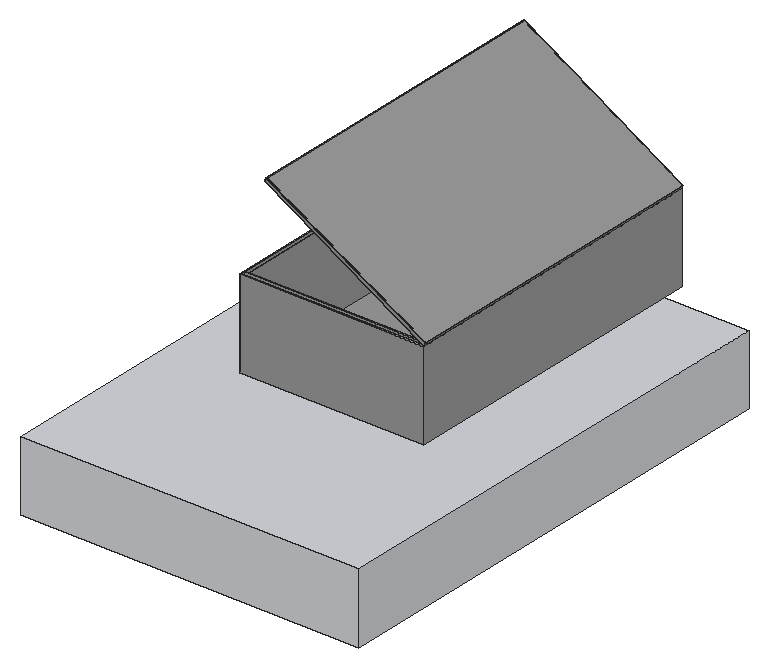
Revit family "Hager-Univers-IP55-D400-H1400-Cl.II-Steel_encl-BE-en", category Equipement électrique, Revit 2020
Family settings
  Hôte = Face
  Configuration du panneau = Deux colonnes, circuits au sein
  Cote de connecteur circulaire = Utiliser le diamètre
  Type d'élément = Tableau de raccordement
  Couper avec des vides une fois chargée = Non
  Partagée = Non
  Point de calcul de pièce = Non
Parameters (values of type "Surface mounted (plaster) IP55 W800 H1400 D400  - FR93H")
  Width Control [instance] = if([EF000008 - Width] > Min Width, [EF000008 - Width], Min Width)  # 800 mm
  Commentaires du type = [HG000003 - Range]  # "Univers"
  Thickness Door [instance] = if([EF009171 - Material plate thickness door/cover] > 3 mm, 3 mm, [EF009171 - Material plate thickness door/cover])  # 1.5 mm
  Seal Frame Offset [instance] = 17 mm  # constant formula
  Plinth Visibility [instance] = [HG000027 - Plinth height] > 0 mm  # no
  Model = ""
  Min Width [instance] = 100 mm  # constant formula
  Min Height [instance] = 100 mm  # constant formula
  Min Depth [instance] = (2 * [EF009170 - Material plate thickness cabinet]) + 1 mm  # 4 mm
  Internal Frame Depth [instance] = (Door System Depth * 0.5)  # 9 mm
  Height Control [instance] = if([EF000040 - Height] > Min Height, [EF000040 - Height], Min Height)  # 1400 mm
  HG000027 - Plinth height = 0 mm
  HG000026 - Floor standing = no
  HG000024 - Bottom section height = 800 mm
  HG000023 - Double section enclosure = no
  HG000016 - Door 3d visibility [instance] = yes
  HG000015 - Clearance visibility [instance] = no
  HG000014 - Door on the right [instance] = yes
  HG000013 - Door on the left [instance] = not([HG000014 - Door on the right])  # no
  HG000012 - Door swing angle [instance] = 30.00°
  HG000010 - Asymmetric doors = no
  HG000009 - Double swing door = no
  HG000006 - Flush mounted = no
  HG000004 - Manufacturer reference = "FR93H"
  HG000003 - Range = "Univers"
  HG000002 - With door or cover = yes
  Frame Offset Bottom [instance] = 10 mm  # constant formula
  Frame Offset [instance] = 15 mm  # constant formula
  EF015940 - Cover with overpressure release = no
  EF011959 - Degree of protection (NEMA) = ""
  EF009554 - Number of openings for flange plates = 6
  EF009212 - Cover model = "EV000116 - Closed"
  EF009171 - Material plate thickness door/cover = 1.5 mm
  EF009170 - Material plate thickness cabinet = 1.5 mm
  Fabricant = "Hager"  # constant formula
  EF008873 - Nominal current (In) = 800 A
  EF007800 - Suitable for lightning protection = no
  EF006306 - With lock = no
  EF006244 - Transparent cover/door = no
  EF005474 - Degree of protection (IP) = "EV006420 - IP55"
  EF004464 - Type of door = "EV002646 - Single"
  EF004427 - Number of modules = 324
  EF004293 - Impact strength = "EV008784 - IK10"
  EF003532 - Suitable for outdoor use = no
  EF002950 - Width in number of modular spacings = 24
  EF001613 - Circuit integrity = "EV000494 - None"
  EF001596 - Material housing = "EV000179 - Steel"
  EF001131 - Internal depth = 400 mm
  EF001088 - Extension possible = yes
  EF000437 - Number of conduit inlets = 6
  EF000339 - Type of cover = "EV004216 - Door"
  EF000266 - Number of rows = 9
  EF000218 - Built-in depth = 0 mm
  EF000118 - With mounting plate = no
  EF000116 - RAL-number = "7035"
  EF000049 - Depth = 400 mm
  EF000040 - Height = 1400 mm
  EF000008 - Width = 800 mm
  EF000007 - Colour = "EV000270 - Grey"
  EF000003 - Mounting method = "EV000384 - Surface mounted (plaster)"
  Door System Leaf Tolerance [instance] = 1.5 mm  # constant formula
  Door System Depth [instance] = 18 mm  # constant formula
  Door Height [instance] = Height Control - [HG000027 - Plinth height]  # 1400 mm
  Depth Control [instance] = if([EF000049 - Depth] > Min Depth, [EF000049 - Depth], Min Depth)  # 400 mm
  Default Elevation = 0 mm
  Connector Offset [instance] = Height Control / 2  # 700 mm
  Bottom Top Plate Trim [instance] = 1.5 mm  # constant formula
  Plinth height Ctrl [instance] = if([HG000027 - Plinth height] > 0 mm, [HG000027 - Plinth height], 12 mm)  # 12 mm
Types (3, lengths in mm): name | Width Control | HG000009 - Double swing door | HG000004 - Manufacturer reference | EF009554 - Number of openings for flange plates | EF004464 - Type of door | EF004427 - Number of modules | EF000437 - Number of conduit inlets | EF000008 - Width
  Surface mounted (plaster) IP55 W1050 H1400 D400  - FR94H | 1050 | yes | "FR94H" | 8 | "EV003602 - Double" | 432 | 8 | 1050
  Surface mounted (plaster) IP55 W550 H1400 D400  - FR92H | 550 | no | "FR92H" | 4 | "EV002646 - Single" | 216 | 4 | 550
  Surface mounted (plaster) IP55 W800 H1400 D400  - FR93H | 800 | no | "FR93H" | 6 | "EV002646 - Single" | 324 | 6 | 800
Reference planes
  plane 1 "Center (Front/Back)": y = 0
  plane 2: z = 0
  plane 3 "Center (Left/Right)": x = 0
  plane 4: z = 400
  plane 5: y = 1.5
  plane 6: y = 700
  plane 7: y = 0
  plane 8: y = 1400
  plane 9: z = 0
  plane 10: x = -385
  plane 11: x = 385
  plane 12: x = 383.5
  plane 13: x = -383.5
  plane 14: y = 1398.5
  plane 15: x = -383
  plane 16: x = -400
  plane 17: x = 383
  plane 18: x = 400
  plane 19: x = 398.5
  plane 20: x = -398.5
  plane 21: y = 11.5
  plane 22: y = 1400
  plane 23: y = 1383.5
  plane 24: z = 382
  plane 25: z = 1.5
  plane 26: z = 380.5
  plane 27: z = 398.5
Forms (mm)
  Extrusion 1, solid
    sketch origin (0, 0, 0) x (1, 0, 0) y (0, 1, 0)
      loop
        line (-702.964, 1305) -> (-702.964, -811.445) -> (766.763, -811.445) -> (766.763, 1305) -> (-702.964, 1305)
    from 0 to -304.8
  Extrusion 2, solid, material "Hager_Steel_RAL7035_Light_Grey", visible <- "Plinth Visibility", detail levels medium+fine
    sketch origin (0, 0, 0) x (1, 0, 0) y (0, 1, 0)
      loop
        line (-400, 0) -> (400, 0) -> (400, 12) -> (-400, 12) -> (-400, 0)
    from 0 to 382
  Extrusion 3, solid, material "Hager_Steel_RAL7035_Light_Grey", detail levels medium+fine
    sketch origin (0, 0, 0) x (1, 0, 0) y (0, 1, 0)
      loop
        line (-400, 0) -> (400, 0) -> (400, 1400) -> (-400, 1400) -> (-400, 0)
    from 0 to 382
  Extrusion 4, void
    sketch origin (0, 0, 0) x (1, 0, 0) y (0, 1, 0)
      loop
        line (-398.5, 1.5) -> (398.5, 1.5) -> (398.5, 1398.5) -> (-398.5, 1398.5) -> (-398.5, 1.5)
    from 1.5 to 380.5
  Extrusion 5, void
    sketch origin (-381.607, -4572, 382) x (0, -1, 0) y (-1, 0, 0)
      loop
        line (-4583.5, 1.893) -> (-5955.5, 1.893) -> (-5955.5, -765.107) -> (-4583.5, -765.107) -> (-4583.5, 1.893)
    from 0 to 1.5 <- "EF009170 - Material plate thickness cabinet"
  Extrusion 6, solid, material "Hager_Steel_RAL7035_Light_Grey", detail levels fine
    sketch origin (0, 0, 382) x (1, 0, 0) y (0, 1, 0)
      loop
        line (-383.5, 1383.5) -> (-383.5, 11.5) -> (383.5, 11.5) -> (383.5, 1383.5) -> (-383.5, 1383.5)
      loop
        line (-385, 10) -> (385, 10) -> (385, 1385) -> (-385, 1385) -> (-385, 10)
    from 0 to 9 <- "Internal Frame Depth"
  Extrusion 7, solid, material "Hager_Steel_RAL7035_Light_Grey", detail levels coarse
    sketch origin (0, 0, 0) x (1, 0, 0) y (0, 1, 0)
      loop
        line (-400, 0) -> (400, 0) -> (400, 1400) -> (-400, 1400) -> (-400, 0)
    from 0 to 400
  Sweep 8, void
    path in 3D
      loop
        line (-400, 12, 0) -> (400, 12, 0) -> (400, 12, 382) -> (-400, 12, 382) -> (-400, 12, 0)
    profile origin (-400, 12, 191) x (-1, 0, 0) y (0, -1, 0)
      loop
        line (0, 0) -> (0, 1.5) -> (-1.5, 1.5)
        arc (-1.5, 1.5) -> (-1.061, 0.439) -> (0, 0) r 1.5
Cuts and joins
  Extrusion 4, Extrusion 5 cuts Extrusion 3
  Sweep 8 cuts Extrusion 2
Lines and regions (mm)
  Masking region 1
    outline origin (0, 0, 0) x (1, 0, 0) y (0, 0, 1)
      loop
        line (-400, 400) -> (-400, 0) -> (400, 0) -> (400, 400) -> (-400, 400)
  Masking region 2, detail levels medium+fine
    outline origin (0, 140, 0) x (0, 1, 0) y (0, 0, 1)
      loop
        line (-140, 0) -> (1260, 0) -> (1260, 382) -> (-140, 382) -> (-140, 0)
  Masking region 3, not visible, detail levels medium+fine
    outline origin (0, 297.922, 0) x (0, 1, 0) y (0, 0, 1)
      loop
        line (413.578, 0) -> (453.578, 0) -> (453.578, 388.5)
        arc (453.578, 388.5) -> (450.649, 395.571) -> (443.578, 398.5) r 10
        line (443.578, 398.5) -> (413.578, 398.5) -> (413.578, 0)
  Masking region 4, detail levels coarse
    outline origin (0, 0, 180) x (0, 1, 0) y (0, 0, 1)
      loop
        line (0, -180) -> (1400, -180) -> (1400, 220) -> (0, 220) -> (0, -180)
  Masking region 5, visible <- "Plinth Visibility", detail levels medium+fine
    outline origin (0, 52.24, 12.345) x (0, 0, -1) y (0, 1, 0)
      loop
        line (10.845, -40.24) -> (-368.155, -40.24)
        arc (-368.155, -40.24) -> (-368.594, -41.301) -> (-369.655, -41.74) r 1.5
        line (-369.655, -41.74) -> (-369.655, -52.24) -> (12.345, -52.24) -> (12.345, -41.74)
        arc (12.345, -41.74) -> (11.285, -41.301) -> (10.845, -40.24) r 1.5
  Masking region 6, detail levels medium+fine
    outline origin (-381.607, -4572, 382) x (-1, 0, 0) y (0, -1, 0)
      loop
        line (18.393, -5972) -> (18.393, -4572) -> (-781.607, -4572) -> (-781.607, -5972) -> (18.393, -5972)
  Masking region 7, visible <- "Plinth Visibility", detail levels medium+fine
    outline origin (-381.607, -4727, 382) x (-1, 0, 0) y (0, -1, 0)
      loop
        arc (16.893, -4739) -> (17.332, -4737.939) -> (18.393, -4737.5) r 1.5
        line (18.393, -4737.5) -> (18.393, -4727) -> (-781.607, -4727) -> (-781.607, -4737.5)
        arc (-781.607, -4737.5) -> (-780.546, -4737.939) -> (-780.107, -4739) r 1.5
        line (-780.107, -4739) -> (16.893, -4739)
  Masking region 8, detail levels coarse
    outline origin (-442.548, -4669.526, 382) x (-1, 0, 0) y (0, -1, 0)
      loop
        line (-42.548, -6069.526) -> (-42.548, -4669.526) -> (-842.548, -4669.526) -> (-842.548, -6069.526) -> (-42.548, -6069.526)
  sketch lines
    curve 1: line (-400, 12, 382) -> (-400, 12, 0)
    curve 2: line (400, 12, 382) -> (-400, 12, 382)
    curve 3: line (400, 12, 382) -> (400, 12, 0)
    curve 4: line (-400, 12, 0) -> (400, 12, 0)
Dimensions and locks
  "Depth Control": plane 4 to Extrusion 1
  "HG000027 - Plinth height": plane 1 "Center (Front/Back)" to plane 7
  "EF009170 - Material plate thickness cabinet": plane 5 to plane 7
  locked: connector elem to plane 3 "Center (Left/Right)"
  equal spacing: plane 8, plane 6, plane 7
  locked: connector elem to plane 6
  "EF009170 - Material plate thickness cabinet": plane 8 to plane 14
  "EF009170 - Material plate thickness cabinet": plane 10 to plane 13
  "EF009170 - Material plate thickness cabinet": plane 12 to plane 11
  "Frame Offset": plane 20 to plane 13
  "Frame Offset": plane 12 to plane 19
  "EF009170 - Material plate thickness cabinet": plane 16 to plane 20
  "EF009170 - Material plate thickness cabinet": plane 19 to plane 18
  "Seal Frame Offset": plane 16 to plane 15
  "Seal Frame Offset": plane 17 to plane 18
  "Frame Offset Bottom": plane 21 to plane 5
  "Frame Offset": plane 14 to plane 23
  equal spacing: plane 16, plane 3 "Center (Left/Right)", plane 18
  "Width Control": plane 16 to plane 18
  "EF009170 - Material plate thickness cabinet": plane 4 to plane 27
  "EF009170 - Material plate thickness cabinet": plane 24 to plane 26
  "EF009170 - Material plate thickness cabinet": plane 25 to level
  "Door System Depth": plane 4 to plane 24
  "Height Control": plane 1 "Center (Front/Back)" to Extrusion 7 sketch curve
  "Height Control": Masking region 4 sketch curve to plane 1 "Center (Front/Back)"
  "Height Control": plane 1 "Center (Front/Back)" to plane 22
  "Bottom Top Plate Trim": profile plane to Sweep 8 sketch curve
  "Bottom Top Plate Trim": Sweep 8 sketch curve to profile plane
  "Plinth height Ctrl": plane 1 "Center (Front/Back)" to Extrusion 2 sketch curve
  "Plinth height Ctrl": Masking region 5 sketch curve to plane 1 "Center (Front/Back)"
  "Plinth height Ctrl": plane 1 "Center (Front/Back)" to Masking region 7 sketch curve
  "Thickness Door": Extrusion 6 sketch curve to Extrusion 6 sketch curve  (x3)
  "Thickness Door": cut or joined group of Extrusion 3, Extrusion 4, Extrusion 5 to Extrusion 6 sketch curve
  radius of Masking region 3 sketch curve = 10 mm
  "Bottom Top Plate Trim": radius of Masking region 5 sketch curve  (x2)
  "Bottom Top Plate Trim": radius of Sweep 8 sketch curve
  "Bottom Top Plate Trim": radius of Masking region 7 sketch curve  (x2)
  aligned and locked: plane 2 to Extrusion 1
  aligned and locked: level to Extrusion 1
  aligned and locked: level to Masking region 1 sketch curve
  aligned and locked: Masking region 1 sketch curve to plane 18
  aligned and locked: Masking region 1 sketch curve to plane 16
  aligned and locked: plane 7 to Masking region 2 sketch curve
  aligned and locked: level to Masking region 3 sketch curve
  aligned and locked: Masking region 3 sketch curve to plane 27
  aligned and locked: level to Masking region 2 sketch curve
  aligned and locked: plane 1 "Center (Front/Back)" to Extrusion 2 sketch curve
  aligned and locked: Extrusion 3 sketch curve to plane 7
  aligned and locked: plane 16 to Extrusion 3 sketch curve
  aligned and locked: plane 18 to Extrusion 3 sketch curve
  aligned and locked: plane 20 to Extrusion 4 sketch curve
  aligned and locked: plane 19 to Extrusion 4 sketch curve
  aligned and locked: Extrusion 4 sketch curve to plane 5
  aligned and locked: Extrusion 4 to plane 25
  aligned and locked: plane 26 to Extrusion 4
  aligned and locked: plane 24 to Extrusion 3
  aligned and locked: Extrusion 5 sketch curve to plane 21
  aligned and locked: Extrusion 5 sketch curve to plane 13
  aligned and locked: Extrusion 5 sketch curve to plane 12
  aligned and locked: plane 18 to Extrusion 7 sketch curve
  aligned and locked: plane 1 "Center (Front/Back)" to Extrusion 7 sketch curve
  aligned and locked: plane 16 to Extrusion 7 sketch curve
  aligned and locked: plane 4 to Extrusion 7
  aligned and locked: Extrusion 7 to level
  aligned and locked: level to Masking region 4 sketch curve
  aligned and locked: Masking region 4 sketch curve to plane 1 "Center (Front/Back)"
  aligned and locked: Masking region 4 sketch curve to plane 4
  aligned and locked: nested 1 to level
  aligned and locked: nested 1 to plane 16
  aligned and locked: plane 8 to Extrusion 3 sketch curve
  aligned and locked: plane 23 to Extrusion 5 sketch curve
  aligned and locked: plane 14 to Extrusion 4 sketch curve
  aligned and locked: Masking region 2 sketch curve to plane 8
  aligned and locked: level to Masking region 5 sketch curve
  aligned and locked: plane 16 to Extrusion 2 sketch curve
  aligned and locked: plane 18 to Extrusion 2 sketch curve
  aligned and locked: Masking region 5 sketch curve to plane 24
  aligned and locked: Masking region 2 sketch curve to plane 24
  aligned and locked: plane 24 to Extrusion 2
  aligned and locked: profile plane to Sweep 8 sketch curve  (x2)
  aligned and locked: Masking region 6 sketch curve to plane 18
  aligned and locked: Masking region 6 sketch curve to plane 22
  aligned and locked: Masking region 6 sketch curve to plane 16
  aligned and locked: plane 8 to plane 22
  aligned and locked: Masking region 6 sketch curve to plane 7
  aligned and locked: Masking region 7 sketch curve to plane 16
  aligned and locked: Masking region 7 sketch curve to plane 1 "Center (Front/Back)"
  aligned and locked: Masking region 7 sketch curve to plane 18
  aligned and locked: Masking region 8 sketch curve to plane 1 "Center (Front/Back)"
  aligned and locked: Masking region 8 sketch curve to plane 18
  aligned and locked: Masking region 8 sketch curve to plane 22
  aligned and locked: Masking region 8 sketch curve to plane 16
  aligned and locked: nested 2 to plane 7
  aligned and locked: plane 3 "Center (Left/Right)" to nested 2
  aligned and locked: nested 2 to plane 24
  aligned and locked: Extrusion 6 sketch curve to cut or joined group of Extrusion 3, Extrusion 4, Extrusion 5  (x4)
Automatic sketch dimensions
  Extrusion 1 sketch curve to Extrusion 1 sketch curve = 1469.727 mm
  Extrusion 1 sketch curve to Extrusion 1 sketch curve = 2116.445 mm
  Masking region 1 sketch curve to plane 4 = 0 mm
  plane 6 to Masking region 3 sketch curve = 11.5 mm
  Masking region 3 sketch curve to Masking region 3 sketch curve = 30 mm
  Masking region 5 sketch curve to plane 1 "Center (Front/Back)" = 0 mm
Nested families
  nested 1: "Hager_Enclosure_Symbol" at (-400, 0, 0) x (1, 0, 0) z (0, -1, 0), Height <- "Depth Control", Width <- "Width Control", type "Hager_Enclosure_Symbol"
    with Width_Ctrl 800 mm, Width 800 mm, Height_Ctrl 400 mm, Height 400 mm, A_Width_Int 26.25 mm, A_Width 315 mm, A_Height_Ctrl 350 mm, A_Height 350 mm
  nested 2: "EC000058_Univers_Door" at (0, 0, 382) x (1, 0, 0) z (0, 1, 0), Leaf_Tolerance <- "Door System Leaf Tolerance", Angle <- "HG000012 - Door swing angle", Door_Depth <- "Door System Depth", Door_Left <- "HG000013 - Door on the left", Transparent <- "EF006244 - Transparent cover/door", Assymetrical <- "HG000010 - Asymmetric doors", Width <- "Width Control", Clearance <- "HG000015 - Clearance visibility", Double <- "HG000009 - Double swing door", 3d_Door <- "HG000016 - Door 3d visibility", Lock_Visibility <- "EF006306 - With lock", Width_Ctrl <- "Width Control", Door_Right <- "HG000014 - Door on the right", Door <- "HG000002 - With door or cover", Height <- "Door Height", Thickness <- "Thickness Door", type "EC000058_Univers_Door", detail levels medium+fine
    with min_wh 4 mm, Width_Ctrl 800 mm, Width 800 mm, Transparent no, Thickness 1.5 mm, Seal_Material Hager_Rubber, Lock_Visibility no, Lock_Material Hager_Plastic_RAL9005_Jet_Black, Leaf_Width 800 mm, Leaf_Tolerance_External_Sides 0 mm, Leaf_Tolerance 1.5 mm, Leaf_Offset 0 mm, Leaf_Height 1397 mm, Leaf_2_Width 800 mm, Leaf_2_Offset 400 mm, Leaf_1_Width 800 mm, Leaf_1_Offset 400 mm, Height_Ctrl 1400 mm, Height 1400 mm, Glass_Material Hager_Glass, Double_Clearance_Ctrl no, Double no, Door_Right_Ctrl yes, Door_Right yes, Door_Material Hager_Steel_RAL7035_Light_Grey, Door_Left_Ctrl no, Door_Left no, Door_Depth 18 mm, Door yes, Clearance_Material Hager_Clearance, Clearance_Depth 800 mm, Clearance_Ctrl no, Clearance no, Assymetrical no, Angle 30.00°, 3d_Door yes
Connectors
  electrical at (0, 700, 0)
    settings: on plane 9, index 1, voltage 0 V, apparent load 0 VA, apparent load phase1 0 VA, apparent load phase2 0 VA, apparent load phase3 0 VA, power factor 1, load classification "Other", number of poles 1, system type 30, power factor state 1, is connector primary yes, connector utility no, sub classification motor no, connector description ""
Definition of nested family "EC000058_Univers_Door"
  Parameters (values of type "EC000058_Univers_Door")
    min_wh [instance] = (2 * Thickness) + 1 mm  # 11 mm
    Width_Ctrl [instance] = 400 mm
    Width [instance] = 500 mm
    Transparent [instance] = yes
    Thickness [instance] = 5 mm
    Seal_Material [instance] = none
    Lock_Visibility [instance] = yes
    Lock_Material [instance] = none
    Leaf_Width [instance] = if((Width_Ctrl - 2 * Leaf_Tolerance_External_Sides) > 0 mm, (Width_Ctrl - 2 * Leaf_Tolerance_External_Sides), min_wh)  # 400 mm
    Leaf_Tolerance_External_Sides [instance] = 0 mm  # constant formula
    Leaf_Tolerance [instance] = 1.5 mm
    Leaf_Offset [instance] = 0 mm  # constant formula
    Leaf_Height [instance] = if((Height_Ctrl - 2 * Leaf_Tolerance) > 0 mm, (Height_Ctrl - 2 * Leaf_Tolerance), min_wh)  # 497 mm
    Leaf_2_Width [instance] = if(and(and(Double, Assymetrical), Door_Left), (Leaf_Width / 3) - (Leaf_Tolerance / 2), if(and(and(Double, Assymetrical), Door_Right), (Leaf_Width / 3) * 2 - (Leaf_Tolerance / 2), if(and(Double, not(Assymetrical)), (Leaf_Width / 2) - Leaf_Tolerance, Leaf_Width)))  # 400 mm
    Leaf_2_Offset [instance] = if(and(Double, Assymetrical), Leaf_2_Width / 2, if(and(Double, not(Assymetrical)), Leaf_Width / 4, Leaf_Width / 2))  # 200 mm
    Leaf_1_Width [instance] = if(and(and(Double, Assymetrical), Door_Right), (Leaf_Width / 3) - (Leaf_Tolerance / 2), if(and(and(Double, Assymetrical), Door_Left), (Width / 3) * 2 - (Leaf_Tolerance / 2), if(and(Double, not(Assymetrical)), (Leaf_Width / 2) - Leaf_Tolerance, Leaf_Width)))  # 400 mm
    Leaf_1_Offset [instance] = if(and(Double, Assymetrical), Leaf_1_Width / 2, if(and(Double, not(Assymetrical)), Leaf_Width / 4, Leaf_Width / 2))  # 200 mm
    Height_Ctrl [instance] = if(Height > min_wh, Height, min_wh)  # 500 mm
    Height [instance] = 500 mm
    Glass_Material [instance] = none
    Double_Clearance_Ctrl [instance] = and(Double, Clearance)  # no
    Double [instance] = no
    Door_Right_Ctrl [instance] = and(or(Door_Right, Double), Door)  # yes
    Door_Right [instance] = yes
    Door_Material [instance] = none
    Door_Left_Ctrl [instance] = and(or(Door_Left, Double), Door)  # no
    Door_Left [instance] = no
    Door_Depth [instance] = 30 mm
    Door [instance] = yes
    Default Elevation = 1219.2 mm
    Clearance_Material [instance] = none
    Clearance_Depth [instance] = if(Leaf_1_Width > Leaf_2_Width, Leaf_1_Width, Leaf_2_Width)  # 400 mm
    Clearance_Ctrl [instance] = and(not(Double), Clearance)  # yes
    Clearance [instance] = yes
    Assymetrical [instance] = yes
    Angle [instance] = 30.00°
    3d_Door [instance] = yes
  Reference planes
    plane 1 "Center (Front/Back)": y = 0
    plane 2 "Bottom": z = 0
    plane 3 "Center (Left/Right)": x = 0
    plane 4: z = 500
    plane 5: x = -200
    plane 6: x = 200
    plane 7: z = 500
    plane 8: x = -200
    plane 9: z = 0
    plane 10: x = 200
    plane 11: y = 0
    plane 12: z = 1.5
    plane 13: x = -600
    plane 14: y = -400
    plane 15: x = 600
    plane 16: x = 0
    plane 17: x = 0
    plane 18: x = -200
    plane 19: x = 200
    plane 20: z = 498.5
  Forms (mm)
    Extrusion 1, solid, material <- "Clearance_Material", visible <- "Double_Clearance_Ctrl"
      sketch origin (1200, 0, 0) x (1, 0, 0) y (0, 0, -1)
        loop
          line (-1800, -498.5) -> (-600, -498.5) -> (-600, 0) -> (-1800, 0) -> (-1800, -498.5)
      from 0 to -400
  Dimensions and locks
    equal spacing: plane 5, plane 3 "Center (Left/Right)", plane 6
    "Width_Ctrl": plane 5 to plane 6
    "Leaf_Offset": plane 5 to plane 8
    "Leaf_Offset": plane 6 to plane 10
    "Leaf_Offset": plane 9 to level
    "Leaf_Offset": plane 4 to plane 7
    "Height_Ctrl": plane 4 to level
    "Leaf_Tolerance": plane 12 to plane 9
    locked: plane 11 to plane 1 "Center (Front/Back)"
    "Leaf_1_Offset": plane 18 to plane 16
    "Leaf_2_Offset": plane 17 to plane 19
    "Leaf_1_Width": plane 13 to plane 8
    "Leaf_2_Width": plane 10 to plane 15
    "Clearance_Depth": plane 14 to plane 1 "Center (Front/Back)"
    "Leaf_Tolerance_External_Sides": plane 8 to plane 18
    "Leaf_Tolerance_External_Sides": plane 19 to plane 10
    "Leaf_Tolerance": plane 7 to plane 20
    aligned and locked: level to plane 2 "Bottom"
    aligned and locked: nested 1 to plane 16
    aligned and locked: nested 2 to plane 17
    aligned and locked: Extrusion 1 to plane 13
    aligned and locked: plane 15 to Extrusion 1
    aligned and locked: Extrusion 1 to plane 14
    aligned and locked: plane 12 to nested 1
    aligned and locked: nested 2 to plane 12
    aligned and locked: Extrusion 1 to plane 11
    aligned and locked: plane 20 to Extrusion 1
    aligned and locked: nested 2 to plane 11
    aligned and locked: nested 1 to plane 11
  Automatic sketch dimensions
    Extrusion 1 sketch curve to level = 0 mm
    plane 5 to Extrusion 1 sketch curve = 400 mm
    plane 6 to Extrusion 1 sketch curve = 400 mm
    Extrusion 1 sketch curve to plane 4 = 1.5 mm
  Nested families
    nested 1: "EC000058_Univers_Door_Leaf" at (0, 0, 1.5), Width <- "Leaf_1_Width", visible <- "Door_Left_Ctrl", Leaf_Height <- "Leaf_Height", Angle <- "Angle", 3d_Door <- "3d_Door", Transparent <- "Transparent", Clearance Material <- "Clearance_Material", Clearance <- "Clearance_Ctrl", Door_Material <- "Door_Material", Glass_Material <- "Glass_Material", Door_Depth <- "Door_Depth", Lock_Material <- "Lock_Material", Seal_Material <- "Seal_Material", Lock_Visibility <- "Lock_Visibility", Thickness <- "Thickness", type "EC000058_Univers_Door_Leaf"
      with Width 400 mm, Transparent_Glass_Offset 30 mm, Transparent_Ctrl yes, Transparent yes, Thickness 5 mm, Standard no, Seal_Material none, Seal_D2 8 mm, Seal_D1 1 mm, Offset_Internal_Frame 10 mm, Lock_Width 20 mm, Lock_Visibility_3d yes, Lock_Visibility yes, Lock_Thickness_3 3 mm, Lock_Thickness_2 1 mm, Lock_Thickness_1 3 mm, Lock_Radius_Offset_2 16 mm, Lock_Radius_Offset_1 15 mm, Lock_Radius_2 5 mm, Lock_Radius 6 mm, Lock_Offset 5 mm, Lock_Material none, Lock_Height 80 mm, Lock_Cover_Top_Offset_2d 17 mm, Lock_Cover_Height -65 mm, Leaf_Height 497 mm, Internal_Seal_Thickness 8 mm, Internal_Seal_Depth_2 4.5 mm, Internal_Frame_Depth 25 mm, Glass_Thickness -1 mm, Glass_Offset -2 mm, Glass_Material none, Door_Material none, Door_Depth 30 mm, Clearance Material none, Clearance yes, Angle_Ctrl 30.00°, Angle 30.00°, 3d_Door yes
    nested 2: "EC000058_Univers_Door_Leaf" at (0, 0, 1.5) x (-1, 0, 0) z (0, 0, 1), Width <- "Leaf_2_Width", visible <- "Door_Right_Ctrl", Leaf_Height <- "Leaf_Height", Angle <- "Angle", 3d_Door <- "3d_Door", Transparent <- "Transparent", Clearance Material <- "Clearance_Material", Clearance <- "Clearance_Ctrl", Door_Material <- "Door_Material", Glass_Material <- "Glass_Material", Door_Depth <- "Door_Depth", Lock_Material <- "Lock_Material", Seal_Material <- "Seal_Material", Lock_Visibility <- "Lock_Visibility", Thickness <- "Thickness", type "EC000058_Univers_Door_Leaf"
      with Width 400 mm, Transparent_Glass_Offset 30 mm, Transparent_Ctrl yes, Transparent yes, Thickness 5 mm, Standard no, Seal_Material none, Seal_D2 8 mm, Seal_D1 1 mm, Offset_Internal_Frame 10 mm, Lock_Width 20 mm, Lock_Visibility_3d yes, Lock_Visibility yes, Lock_Thickness_3 3 mm, Lock_Thickness_2 1 mm, Lock_Thickness_1 3 mm, Lock_Radius_Offset_2 16 mm, Lock_Radius_Offset_1 15 mm, Lock_Radius_2 5 mm, Lock_Radius 6 mm, Lock_Offset 5 mm, Lock_Material none, Lock_Height 80 mm, Lock_Cover_Top_Offset_2d 17 mm, Lock_Cover_Height -65 mm, Leaf_Height 497 mm, Internal_Seal_Thickness 8 mm, Internal_Seal_Depth_2 4.5 mm, Internal_Frame_Depth 25 mm, Glass_Thickness -1 mm, Glass_Offset -2 mm, Glass_Material none, Door_Material none, Door_Depth 30 mm, Clearance Material none, Clearance yes, Angle_Ctrl 30.00°, Angle 30.00°, 3d_Door yes
  Definition of nested family "EC000058_Univers_Door_Leaf"
    Parameters (values of type "EC000058_Univers_Door_Leaf")
      Width [instance] = 2000 mm
      Transparent_Glass_Offset [instance] = 30 mm
      Transparent_Ctrl [instance] = and(Transparent, [3d_Door])  # yes
      Transparent [instance] = yes
      Thickness [instance] = 5 mm
      Standard [instance] = and(not(Transparent), [3d_Door])  # no
      Seal_Material [instance] = none
      Seal_D2 [instance] = 8 mm  # constant formula
      Seal_D1 [instance] = 1 mm  # constant formula
      Offset_Internal_Frame [instance] = 10 mm  # constant formula
      Lock_Width [instance] = 20 mm  # constant formula
      Lock_Visibility_3d [instance] = and(Lock_Visibility, [3d_Door])  # yes
      Lock_Visibility [instance] = yes
      Lock_Thickness_3 [instance] = 3 mm  # constant formula
      Lock_Thickness_2 [instance] = 1 mm  # constant formula
      Lock_Thickness_1 [instance] = 3 mm  # constant formula
      Lock_Radius_Offset_2 [instance] = Lock_Radius_Offset_1 + 1 mm  # 16 mm
      Lock_Radius_Offset_1 [instance] = 15 mm  # constant formula
      Lock_Radius_2 [instance] = Lock_Radius - 1 mm  # 5 mm
      Lock_Radius [instance] = 6 mm  # constant formula
      Lock_Offset [instance] = 5 mm  # constant formula
      Lock_Material [instance] = none
      Lock_Height [instance] = 80 mm  # constant formula
      Lock_Cover_Top_Offset_2d [instance] = Lock_Radius_Offset_2 + 1 mm  # 17 mm
      Lock_Cover_Height [instance] = -(Lock_Height - Lock_Radius_Offset_1)  # -65 mm
      Leaf_Height [instance] = 2720.336 mm
      Internal_Seal_Thickness [instance] = 8 mm  # constant formula
      Internal_Seal_Depth_2 [instance] = 4.5 mm  # constant formula
      Internal_Frame_Depth [instance] = if(Door_Depth - Thickness > 5 mm, Door_Depth - Thickness, 5 mm)  # 25 mm
      Glass_Thickness [instance] = if(Thickness > 15 mm, Glass_Offset + 10 mm, -1 mm)  # -1 mm
      Glass_Offset [instance] = if(Thickness > 15 mm, -(Thickness + 10 mm) / 2, -2 mm)  # -2 mm
      Glass_Material [instance] = none
      Door_Material [instance] = none
      Door_Depth [instance] = 30 mm
      Default Elevation = 0 mm
      Clearance Material [instance] = none
      Clearance [instance] = yes
      Angle_Ctrl [instance] = if(Angle > 180.00°, 180.00°, Angle)  # 90.00°
      Angle [instance] = 90.00°
      3d_Door [instance] = yes
    Reference planes
      plane 1 "Center (Front/Back)": y = 0
      plane 2: z = 0
      plane 3 "Center (Left/Right)": x = 0
      plane 4: y = 2000
      plane 5: x = -1000
      plane 6: x = 1000
      plane 7: x = -3000
      plane 8: z = 2720.336
      plane 9: z = 30
      plane 10: z = 2690.336
      plane 11: x = 970
      plane 12: x = -970
      plane 13: y = -3
      plane 14: z = 107.833
      plane 15: y = -5
      plane 16: y = -223.314
      plane 17: x = -1000
      plane 18: z = 1360.168
      plane 19: y = 30
    Forms (mm)
      Extrusion 1, solid, material <- "Clearance Material", visible <- "Clearance"
        sketch origin (0, 0, 0) x (1, 0, 0) y (0, 0, 1)
          loop
            line (-3000, 2720.336) -> (-3000, 0) -> (1000, 0) -> (1000, 2720.336) -> (-3000, 2720.336)
        from 0 to -2000
      Extrusion 2, solid, material <- "Door_Material", visible <- "Standard", detail levels medium+fine
        sketch origin (-1000, 0, 0) x (0, 1, 0) y (-1, 0, 0)
          loop
            line (0, 30) -> (0, 25) -> (2000, 25) -> (2000, 30) -> (0, 30)
        from 0 to 2720.336 <- "Leaf_Height"
      Extrusion 3, solid, material <- "Door_Material", visible <- "Transparent_Ctrl", detail levels medium+fine
        sketch origin (-1000, 0, 0) x (0, 1, 0) y (-1, 0, 0)
          loop
            line (0, 25) -> (2000, 25) -> (2000, 30) -> (0, 30) -> (0, 25)
        from 0 to 2720.336 <- "Leaf_Height"
      Extrusion 4, void
        sketch origin (-1025, 2000, 0) x (0, 1, 0) y (0, 0, -1)
          loop
            line (-30, -2690.336) -> (-30, -30) -> (-1970, -30) -> (-1970, -2690.336) -> (-30, -2690.336)
        from 0 to 5 <- "Thickness"
      Sweep 5, solid, material <- "Seal_Material", visible <- "Transparent_Ctrl", detail levels fine
        path in 3D
          loop
            line (-1025, 30, 30) -> (-1025, 30, 2690.336) -> (-1025, 1970, 2690.336) -> (-1025, 1970, 30) -> (-1025, 30, 30)
        profile origin (-1025, 1000, 30) x (1, 0, 0) y (0, 0, 1)
          loop
            line (0, 0) -> (0, -8) -> (1, -8) -> (1, 0) -> (0, 0)
      Extrusion 6, solid, material <- "Glass_Material", visible <- "Transparent_Ctrl", detail levels medium+fine
        sketch origin (-1030, 0, 0) x (0, 1, 0) y (0, 0, -1)
          loop
            line (1970, -2690.336) -> (1970, -30) -> (30, -30) -> (30, -2690.336) -> (1970, -2690.336)
        from -2 <- "Glass_Offset" to -1 <- "Glass_Thickness"
      Extrusion 7, solid, material <- "Door_Material", visible <- "3d_Door", detail levels medium+fine
        sketch origin (-1025, 2000, 0) x (0, -1, 0) y (0, 0, -1)
          loop
            line (0, -2720.336) -> (2000, -2720.336) -> (2000, 0) -> (0, 0) -> (0, -2720.336)
          loop
            line (1995, -5) -> (5, -5) -> (5, -2715.336) -> (1995, -2715.336) -> (1995, -5)
        from 0 to 25 <- "Internal_Frame_Depth"
      Sweep 8, solid, material <- "Seal_Material", visible <- "Transparent_Ctrl", detail levels fine
        path in 3D
          loop
            line (-1025, 0, 0) -> (-1025, 2000, 0) -> (-1025, 2000, 2720.336) -> (-1025, 0, 2720.336) -> (-1025, 0, 0)
        profile origin (-1025, 0, 1360.168) x (1, 0, 0) y (0, 1, 0)
          loop
            line (0, 10) -> (2.975, 10)
            arc (2.975, 10) -> (4.053, 10.447) -> (4.5, 11.525) r 1.525
            line (4.5, 11.525) -> (4.5, 16.527)
            arc (4.5, 16.527) -> (4.069, 17.569) -> (3.027, 18) r 1.473
            line (3.027, 18) -> (0, 18) -> (0, 10)
      Extrusion 9, solid, material <- "Lock_Material", visible <- "Lock_Visibility_3d", detail levels fine
        sketch origin (-1030, 0, 0) x (0, 1, 0) y (0, 0, -1)
          loop
            arc (1993.5, -1400.168) -> (1994.561, -1399.729) -> (1995, -1398.668) r 1.5
            line (1995, -1398.668) -> (1995, -1320.168) -> (1975, -1320.168) -> (1975, -1398.668)
            arc (1975, -1398.668) -> (1975.439, -1399.729) -> (1976.5, -1400.168) r 1.5
            line (1976.5, -1400.168) -> (1993.5, -1400.168)
        from 3 <- "Lock_Thickness_1" to 0
      Blend 10, solid, material <- "Lock_Material", visible <- "Lock_Visibility_3d", detail levels fine
        base sketch origin (-1033, 0, 0) x (0, 1, 0) y (0, 0, -1)
          loop
            line (1975, -1320.168) -> (1975, -1398.668)
            arc (1975, -1398.668) -> (1975.439, -1399.729) -> (1976.5, -1400.168) r 1.5
            line (1976.5, -1400.168) -> (1993.5, -1400.168)
            arc (1993.5, -1400.168) -> (1994.561, -1399.729) -> (1995, -1398.668) r 1.5
            line (1995, -1398.668) -> (1995, -1320.168) -> (1975, -1320.168)
        top sketch origin (-1033, 0, 0) x (0, 1, 0) y (0, 0, -1)
          loop
            line (1976, -1320.168) -> (1976, -1398.668)
            arc (1976, -1398.668) -> (1976.146, -1399.022) -> (1976.5, -1399.168) r 0.5
            line (1976.5, -1399.168) -> (1993.5, -1399.168)
            arc (1993.5, -1399.168) -> (1993.854, -1399.022) -> (1994, -1398.668) r 0.5
            line (1994, -1398.668) -> (1994, -1320.168) -> (1976, -1320.168)
        from 0 to 1 <- "Lock_Thickness_2"
      Blend 11, solid, material <- "Lock_Material", visible <- "Lock_Visibility_3d", detail levels fine
        base sketch origin (-1034, 0, 0) x (0, 1, 0) y (0, 0, -1)
          loop
            line (1978, -1320.168) -> (1978, -1384.168)
            arc (1978, -1384.168) -> (1985, -1391.168) -> (1992, -1384.168) r 7
            line (1992, -1384.168) -> (1992, -1320.168) -> (1978, -1320.168)
        top sketch origin (-1034, 0, 0) x (0, 1, 0) y (0, 0, -1)
          loop
            line (1991, -1320.168) -> (1979, -1320.168) -> (1979, -1383.168)
            arc (1979, -1383.168) -> (1985, -1389.168) -> (1991, -1383.168) r 6
            line (1991, -1383.168) -> (1991, -1320.168)
        from 0 to 3 <- "Lock_Thickness_3"
      Extrusion 12, solid, material <- "Lock_Material", visible <- "Lock_Visibility_3d", detail levels fine
        sketch origin (-1030, 1975, 1320.168) x (1, 0, 0) y (0, -1, 0)
          loop
            line (-7, -19) -> (-7, -1) -> (0, -1) -> (0, 0) -> (-8, 0) -> (-8, -20) -> (0, -20) -> (0, -19) -> (-7, -19)
        from 0 to -65 <- "Lock_Cover_Height"
      Extrusion 13, void
        sketch origin (-1038, 1995, 1320.168) x (-1, 0, 0) y (0, 0, -1)
          loop
            line (-5, -65) -> (0, -65) -> (-5, -60) -> (-5, -65)
        from 0 to 20 <- "Lock_Width"
      Extrusion 14, void
        sketch origin (-1038, 1975, 1320.168) x (0, -1, 0) y (0, 0, -1)
          loop
            circle (-10, -15.995) r 6
          loop
            circle (-10, -15.995) r 5
        from 0 to 2
      Extrusion 15, solid, material <- "Lock_Material", visible <- "Lock_Visibility_3d", detail levels medium
        sketch origin (-1030, 0, 0) x (0, 1, 0) y (0, 0, -1)
          loop
            arc (1993.5, -1400.168) -> (1994.561, -1399.729) -> (1995, -1398.668) r 1.5
            line (1995, -1398.668) -> (1995, -1320.168) -> (1975, -1320.168) -> (1975, -1398.668)
            arc (1975, -1398.668) -> (1975.439, -1399.729) -> (1976.5, -1400.168) r 1.5
            line (1976.5, -1400.168) -> (1993.5, -1400.168)
        from 8 to 0
    Cuts and joins
      Extrusion 4 cuts Extrusion 3
      Extrusion 13, Extrusion 14 cuts Extrusion 9
      Extrusion 14 cuts Blend 11
      Extrusion 13, Extrusion 14 cuts Extrusion 12
      joined: Extrusion 9, Blend 10, Blend 11, Extrusion 12
      Extrusion 14 cuts Extrusion 15
    Lines and regions (mm)
      Masking region 1, visible <- "Lock_Visibility", detail levels fine
        outline origin (0, 0, 0) x (0, 1, 0) y (0, 0, 1)
          loop
            line (30, 1320.168) -> (33, 1320.168) -> (33, 1400.168) -> (30, 1400.168) -> (30, 1320.168)
      Masking region 2, visible <- "Lock_Visibility", detail levels fine
        outline origin (0, 3.143, 0) x (0, 1, 0) y (0, 0, 1)
          loop
            line (29.857, 1354.168) -> (30.857, 1354.168) -> (30.857, 1366.168) -> (29.857, 1366.168) -> (29.857, 1354.168)
      Masking region 3, detail levels medium+fine
        outline origin (0, 0, 0) x (0, 1, 0) y (0, 0, 1)
          loop
            line (0, 0) -> (30, 0) -> (30, 2720.336) -> (0, 2720.336) -> (0, 0)
      Masking region 4, detail levels medium+fine
        outline origin (0, 0, 0) x (1, 0, 0) y (0, 0, 1)
          loop
            line (-1000, 2720.336) -> (-1000, 0) -> (1000, 0) -> (1000, 2720.336) -> (-1000, 2720.336)
      Masking region 5, visible <- "Lock_Visibility", detail levels fine
        outline origin (-47.116, 0, 0) x (1, 0, 0) y (0, 0, 1)
          loop
            arc (1024.616, 1399.168) -> (1023.556, 1398.729) -> (1023.116, 1397.668) r 1.5
            line (1023.116, 1397.668) -> (1023.116, 1320.168) -> (1041.116, 1320.168) -> (1041.116, 1397.668)
            arc (1041.116, 1397.668) -> (1040.677, 1398.729) -> (1039.616, 1399.168) r 1.5
            line (1039.616, 1399.168) -> (1024.616, 1399.168)
      Masking region 6, visible <- "Lock_Visibility", detail levels medium+fine
        outline origin (-25, 0, 0) x (1, 0, 0) y (0, 0, 1)
          loop
            arc (1001.5, 1400.168) -> (1000.439, 1399.729) -> (1000, 1398.668) r 1.5
            line (1000, 1398.668) -> (1000, 1320.168) -> (1020, 1320.168) -> (1020, 1398.668)
            arc (1020, 1398.668) -> (1019.561, 1399.729) -> (1018.5, 1400.168) r 1.5
            line (1018.5, 1400.168) -> (1001.5, 1400.168)
      Masking region 7, visible <- "Lock_Visibility", detail levels fine
        outline origin (-73.735, 0, 0) x (1, 0, 0) y (0, 0, 1)
          loop
            line (1051.735, 1382.168) -> (1065.735, 1382.168) -> (1065.735, 1384.168)
            arc (1065.735, 1384.168) -> (1058.735, 1391.168) -> (1051.735, 1384.168) r 7
            line (1051.735, 1384.168) -> (1051.735, 1382.168)
      Masking region 8, visible <- "Lock_Visibility", detail levels fine
        outline origin (-73.735, 0, 0) x (1, 0, 0) y (0, 0, 1)
          loop
            line (1052.735, 1382.168) -> (1064.735, 1382.168) -> (1064.735, 1383.168)
            arc (1064.735, 1383.168) -> (1058.735, 1389.168) -> (1052.735, 1383.168) r 6
            line (1052.735, 1383.168) -> (1052.735, 1382.168)
      Masking region 9, visible <- "Lock_Visibility", detail levels fine
        outline origin (-25, 0, 0) x (1, 0, 0) y (0, 0, 1)
          loop
            line (1020, 1320.168) -> (1020, 1382.168) -> (1000, 1382.168) -> (1000, 1320.168) -> (1020, 1320.168)
      Masking region 10, detail levels medium+fine
        outline origin (0, 0, 0) x (1, 0, 0) y (0, 0, 1)
          loop
            circle (985, 1335.144) r 6
      Masking region 11, detail levels fine
        outline origin (0, 0, 0) x (1, 0, 0) y (0, 0, 1)
          loop
            circle (985, 1335.144) r 5
      Masking region 12, visible <- "Lock_Visibility", detail levels fine
        outline origin (0, 12.767, 0) x (0, 1, 0) y (0, 0, 1)
          loop
            line (20.233, 1320.168) -> (21.233, 1320.168) -> (21.233, 1399.168) -> (20.233, 1400.168) -> (20.233, 1320.168)
      Masking region 13, visible <- "Lock_Visibility", detail levels fine
        outline origin (0, 13.767, -10) x (0, 1, 0) y (0, 0, 1)
          loop
            line (20.233, 1330.168) -> (23.233, 1330.168) -> (23.233, 1399.168) -> (20.233, 1402.168) -> (20.233, 1330.168)
      Masking region 14, visible <- "Lock_Visibility", detail levels fine
        outline origin (0, 12.767, -10) x (0, 1, 0) y (0, 0, 1)
          loop
            line (20.233, 1330.168) -> (25.233, 1330.168) -> (25.233, 1399.305) -> (20.233, 1394.305) -> (20.233, 1330.168)
      Masking region 15, visible <- "Lock_Visibility", detail levels medium
        outline origin (0, 0, 0) x (0, 1, 0) y (0, 0, 1)
          loop
            line (30, 1320.168) -> (38, 1320.168) -> (38, 1400.168) -> (30, 1400.168) -> (30, 1320.168)
      Masking region 16, visible <- "Lock_Visibility", detail levels fine
        outline origin (-1000, 0, 0) x (0, 1, 0) y (-1, 0, 0)
          loop
            line (1975, 30) -> (1995, 30) -> (1995, 38) -> (1975, 38) -> (1975, 30)
          loop
            line (1979, 37) -> (1976, 37) -> (1976, 34) -> (1978, 34) -> (1979, 37)
          loop
            line (1994, 37) -> (1991, 37) -> (1992, 34) -> (1994, 34) -> (1994, 37)
      Masking region 17, visible <- "Lock_Visibility", detail levels medium
        outline origin (-1000, 0, 0) x (0, 1, 0) y (-1, 0, 0)
          loop
            line (1975, 30) -> (1995, 30) -> (1995, 38) -> (1975, 38) -> (1975, 30)
      symbolic lines
        curve 1: line (1000, 0, 0) -> (-3000, 0, 0)
        curve 2: arc (1000, 0, 0) -> (-1000, 2000, 0) -> (-3000, 0, 0) r 2000
        curve 4: line (-1030, 0, 0) -> (-1030, 2000, 0)
      reference lines
        curve 3: line (-1000, 0, 0) -> (-1000, 2000, 0)
      symbolic lines, detail levels medium+fine
        curve 5: line (-1030, 2000, 0) -> (-1025, 2000, 0)
        curve 7: line (-1025, 0, 0) -> (-1030, 0, 0)
        curve 8: line (-1025, 0, 0) -> (-1000, 0, 0)
        curve 9: line (-1000, 0, 0) -> (-1000, 2000, 0)
        curve 10: line (-1000, 2000, 0) -> (-1025, 2000, 0)
      symbolic lines, detail levels fine
        curve 6: line (-1025, 2000, 0) -> (-1025, 0, 0)
      sketch lines
        curve 11: line (-1025, 0, 2720.336) -> (-1025, 0, 0)
        curve 12: line (-1025, 2000, 0) -> (-1025, 0, 0)
        curve 13: line (-1025, 2000, 2720.336) -> (-1025, 2000, 0)
        curve 14: line (-1025, 0, 2720.336) -> (-1025, 2000, 2720.336)
        curve 15: line (-1025, 1970, 30) -> (-1025, 30, 30)
        curve 16: line (-1025, 30, 30) -> (-1025, 30, 2690.336)
        curve 17: line (-1025, 1970, 2690.336) -> (-1025, 1970, 30)
        curve 18: line (-1025, 30, 2690.336) -> (-1025, 1970, 2690.336)
      symbolic lines, visible <- "Transparent", detail levels medium+fine
        curve 19: line (-970, 0, 2690.336) -> (970, 0, 2690.336)
        curve 20: line (-970, 0, 30) -> (-970, 0, 2690.336)
        curve 21: line (970, 0, 30) -> (-970, 0, 30)
        curve 22: line (970, 0, 2690.336) -> (970, 0, 30)
    Dimensions and locks
      "Width": plane 1 "Center (Front/Back)" to plane 4
      equal spacing: plane 5, plane 3 "Center (Left/Right)", plane 6
      "Width": plane 5 to plane 6
      "Width": plane 7 to plane 5
      "Leaf_Height": plane 8 to level
      "Width": curve 5 to curve 3
      "Width": curve 3 to curve 3
      plane 8 to plane 10 = 30 mm
      plane 9 to level = 30 mm
      plane 12 to plane 5 = 30 mm
      plane 6 to plane 11 = 30 mm
      Extrusion 1 to Extrusion 4 sketch curve = 30 mm
      "Transparent_Glass_Offset": curve 3 to Extrusion 4 sketch curve
      "Transparent_Glass_Offset": Extrusion 4 sketch curve to cut or joined group of Extrusion 3, Extrusion 4  (x2)
      cut or joined group of Extrusion 3, Extrusion 4 to Extrusion 6 sketch curve = 30 mm
      "Transparent_Glass_Offset": cut or joined group of Extrusion 3, Extrusion 4 to Extrusion 4 sketch curve
      "Thickness": curve 6 to curve 4
      "Thickness": Extrusion 7 sketch curve to Extrusion 7 sketch curve  (x4)
      "Door_Depth": curve 4 to curve 3
      "Offset_Internal_Frame": profile plane to Sweep 8 sketch curve
      "Internal_Seal_Thickness": Sweep 8 sketch curve to Sweep 8 sketch curve
      "Internal_Seal_Depth_2": profile plane to Sweep 8 sketch curve
      "Seal_D1": profile plane to Sweep 5 sketch curve
      "Seal_D2": profile plane to Sweep 5 sketch curve
      "Thickness": Extrusion 2 sketch curve to Extrusion 2 sketch curve
      equal spacing: Extrusion 9 sketch curve, plane 18, Extrusion 9 sketch curve  (x2)
      equal spacing: Masking region 1 sketch curve, plane 18, Masking region 1 sketch curve
      "Lock_Height": Masking region 1 sketch curve to Masking region 1 sketch curve
      "Lock_Radius": Masking region 2 sketch curve to plane 18 to Masking region 2 sketch curve
      Masking region 2 sketch curve to Masking region 1 = 1 mm
      "Door_Depth": plane 19 to plane 1 "Center (Front/Back)"
      "Lock_Thickness_1": Masking region 1 sketch curve to plane 19
      "Lock_Width": Extrusion 9 sketch curve to Extrusion 9 sketch curve
      "Lock_Height": Extrusion 9 sketch curve to Extrusion 9 sketch curve
      "Lock_Offset": cut or joined group of Extrusion 3, Extrusion 4 to Extrusion 9 sketch curve
      equal spacing: plane 8, plane 18, level
      "Lock_Radius_Offset_1": Blend 11 sketch curve to Blend 10
      locked: Blend 10 to Blend 11 sketch curve at 2  (x2)
      locked: var sketch to Blend 11 sketch curve at 1  (x2)
      "Lock_Radius_Offset_2": Blend 11 sketch curve to Blend 10
      locked: Extrusion 12 sketch curve to Extrusion 12 sketch curve at 1  (x3)
      Masking region 6 sketch curve to Masking region 6 sketch curve = 80 mm
      "Lock_Height": Masking region 6 sketch curve to Masking region 6 sketch curve
      "Lock_Width": Masking region 6 sketch curve to Masking region 6 sketch curve
      locked: Masking region 6 to Masking region 5 sketch curve at 1  (x3)
      locked: Masking region 5 to Masking region 7 sketch curve at 2  (x2)
      "Lock_Radius_Offset_1": Masking region 5 to Masking region 7 sketch curve
      "Lock_Radius_Offset_2": Masking region 5 to Masking region 8 sketch curve
      locked: Masking region 7 to Masking region 8 sketch curve at 1  (x2)
      "Lock_Cover_Top_Offset_2d": Masking region 5 to Masking region 9 sketch curve
      equal spacing: Masking region 9, Masking region 10 sketch curve, Masking region 9
      equal spacing: Masking region 9, Masking region 11 sketch curve, Masking region 9
      Extrusion 15 sketch curve to Extrusion 15 sketch curve = 80 mm
      "Lock_Width": Extrusion 15 sketch curve to Extrusion 15 sketch curve
      "Lock_Height": Extrusion 15 sketch curve to Extrusion 15 sketch curve
      equal spacing: Extrusion 15 sketch curve, plane 18, Extrusion 15 sketch curve
      "Lock_Thickness_3": Masking region 13 sketch curve to Masking region 13 sketch curve
      "Lock_Height": Masking region 12 sketch curve to Masking region 12 sketch curve
      locked: Masking region 13 sketch curve to Masking region 1 at 8
      locked: Masking region 14 sketch curve to Masking region 13 at 1
      locked: Masking region 14 sketch curve to Masking region 1 at 10.863
      "Lock_Height": Masking region 15 sketch curve to Masking region 15 sketch curve
      "Lock_Offset": Extrusion 15 sketch curve to cut or joined group of Extrusion 3, Extrusion 4
      "Lock_Offset": plane 6 to Masking region 6 sketch curve
      radius of Sweep 8 sketch curve = 1.525 mm
      radius of Sweep 8 sketch curve = 1.473 mm
      radius of Extrusion 9 sketch curve = 1.5 mm  (x2)
      "Lock_Radius": radius of Extrusion 14 sketch curve
      "Lock_Radius_2": radius of Extrusion 14 sketch curve
      "Lock_Radius": radius of Masking region 10 sketch curve
      "Lock_Radius_2": radius of Masking region 11 sketch curve
      radius of Extrusion 15 sketch curve = 1.5 mm  (x2)
      "Angle_Ctrl": angle plane 1 "Center (Front/Back)" to curve 3
      locked: Masking region 12 sketch curve to Masking region 12 sketch curve (angle 45.00°)
      locked: Masking region 13 sketch curve to Masking region 13 sketch curve (angle 45.00°)
      locked: Masking region 14 sketch curve to Masking region 14 sketch curve (angle 45.00°)
      aligned and locked: level to plane 2
      aligned and locked: Extrusion 1 to curve 1
      aligned and locked: plane 6 to Extrusion 1
      aligned and locked: Extrusion 1 to plane 1 "Center (Front/Back)"
      aligned and locked: plane 4 to Extrusion 1
      aligned and locked: plane 8 to Extrusion 1
      aligned and locked: curve 7 to Extrusion 2 sketch curve
      aligned and locked: curve 5 to Extrusion 2 sketch curve
      aligned and locked: curve 7 to Extrusion 3 sketch curve
      aligned and locked: Extrusion 3 sketch curve to curve 4
      aligned and locked: Extrusion 3 sketch curve to curve 6
      aligned and locked: Extrusion 3 sketch curve to curve 5
      aligned and locked: curve 9 to curve 3
      aligned and locked: Extrusion 7 sketch curve to cut or joined group of Extrusion 3, Extrusion 4  (x4)
      aligned and locked: plane 17 to curve 3
      aligned and locked: plane 1 "Center (Front/Back)" to curve 3
      aligned and locked: plane 17 to plane 5
      aligned and locked: Sweep 8 sketch curve to profile plane
      aligned and locked: Sweep 5 sketch curve to profile plane  (x2)
      aligned and locked: Masking region 1 to Masking region 2 sketch curve
      aligned and locked: plane 19 to Masking region 1 sketch curve
      aligned and locked: plane 1 "Center (Front/Back)" to Masking region 3 sketch curve
      aligned and locked: plane 19 to Masking region 3 sketch curve
      aligned and locked: level to Masking region 3 sketch curve
      aligned and locked: Masking region 3 sketch curve to plane 8
      aligned and locked: plane 17 to Masking region 4 sketch curve
      aligned and locked: level to Masking region 4 sketch curve
      aligned and locked: Masking region 4 sketch curve to plane 8
      aligned and locked: plane 12 to curve 20
      aligned and locked: plane 10 to curve 19
      aligned and locked: plane 11 to curve 22
      aligned and locked: curve 21 to plane 9
      aligned and locked: Extrusion 2 sketch curve to cut or joined group of Extrusion 3, Extrusion 4
      aligned and locked: Blend 10 sketch curve to Extrusion 9  (x4)
      aligned and locked: Extrusion 9 to Blend 10 sketch curve
      aligned and locked: Blend 10 to Blend 11 sketch curve
      aligned and locked: Extrusion 12 sketch curve to Blend 11
      aligned and locked: Extrusion 12 sketch curve to Extrusion 9  (x4)
      aligned and locked: Masking region 5 sketch curve to Masking region 6
      aligned and locked: Masking region 9 sketch curve to Masking region 6  (x3)
      aligned and locked: Masking region 12 sketch curve to Masking region 1
      aligned and locked: Masking region 13 sketch curve to Masking region 1
      aligned and locked: Masking region 12 to Masking region 14
      aligned and locked: Masking region 14 sketch curve to Masking region 1
      aligned and locked: Masking region 15 sketch curve to Masking region 14
      aligned and locked: Masking region 13 sketch curve to Masking region 12
      aligned and locked: Masking region 16 sketch curve to cut or joined group of Extrusion 14, Extrusion 15  (x4)
      aligned and locked: Masking region 16 sketch curve to cut or joined group of Extrusion 9, Blend 10, Blend 11, Extrusion 12, Extrusion 13, Extrusion 14  (x6)
      aligned and locked: cut or joined group of Extrusion 9, Blend 10, Blend 11, Extrusion 12, Extrusion 13, Extrusion 14 to Masking region 16 sketch curve
      aligned and locked: Masking region 17 sketch curve to cut or joined group of Extrusion 14, Extrusion 15  (x3)
      aligned and locked: Masking region 17 sketch curve to cut or joined group of Extrusion 9, Blend 10, Blend 11, Extrusion 12, Extrusion 13, Extrusion 14
      aligned and locked: Masking region 9 to Masking region 8 sketch curve
      aligned and locked: Masking region 9 to Masking region 7 sketch curve
    Automatic sketch dimensions
      plane 1 "Center (Front/Back)" to curve 2 = 0 mm
      curve 2 to plane 5 = 0 mm
      Extrusion 1 sketch curve to level = 0 mm
      Extrusion 1 sketch curve to plane 7 = 0 mm
      Extrusion 1 sketch curve to plane 6 = 0 mm
      Extrusion 1 sketch curve to plane 8 = 0 mm
      Extrusion 3 to Extrusion 6 sketch curve = 30 mm  (x4)
      Masking region 4 sketch curve to plane 6 = 0 mm
      Blend 10 sketch curve to Extrusion 9 = 1.5 mm
      Blend 10 sketch curve to Extrusion 9 = 1 mm
      Extrusion 13 sketch curve to Extrusion 12 = 0 mm  (x2)
      Extrusion 12 to Extrusion 13 sketch curve = 3 mm
      Extrusion 13 sketch curve to Extrusion 12 = 5 mm
      Extrusion 14 sketch curve to Extrusion 14 sketch curve = 0 mm  (x2)
      Extrusion 14 sketch curve to Extrusion 12 = 10 mm
      Extrusion 14 sketch curve to Extrusion 12 = 15.995 mm
      Masking region 5 sketch curve to Masking region 5 sketch curve = 1.5 mm  (x2)
      Masking region 10 sketch curve to plane 18 = 25.024 mm
      Masking region 11 sketch curve to plane 18 = 25.024 mm
      plane 19 to Masking region 14 sketch curve = 3 mm
      Masking region 16 sketch curve to Masking region 16 sketch curve = 3 mm
      curve 4 to curve 3 = 0 mm
      Blend 10 to Blend 11 sketch curve = 0 mm
      Masking region 6 sketch curve to Masking region 6 sketch curve = 1.5 mm  (x2)
      Masking region 6 sketch curve to plane 18 = 40 mm
      plane 19 to Masking region 12 sketch curve = 3 mm
      Masking region 12 sketch curve to Masking region 12 sketch curve = 1 mm
      Masking region 15 sketch curve to plane 19 = 0 mm
      Masking region 15 sketch curve to plane 18 = 40 mm
      radius of Blend 10 sketch curve to Extrusion 9 = 1 mm
Definition of nested family "Hager_Enclosure_Symbol"
  Parameters (values of type "Hager_Enclosure_Symbol")
    Width_Ctrl [instance] = if(Width > 1 mm, Width, 1 mm)  # 102.27 mm
    Width [instance] = 102.27 mm
    Height_Ctrl [instance] = if(Height > 1 mm, Height, 1 mm)  # 66.5 mm
    A_Width_Int [instance] = if(A_Width / 12 > 2 mm, A_Width / 12, 2 mm)  # 4.364 mm
    A_Width [instance] = if(A_Height_Ctrl * 0.9 > 2 mm, A_Height_Ctrl * 0.9, 2 mm)  # 52.369 mm
    A_Height_Ctrl [instance] = if(A_Height > 2 mm, A_Height, 2 mm)  # 58.188 mm
    Height [instance] = 66.5 mm
    A_Height [instance] = Height - (Height / 8)  # 58.188 mm
  Reference planes
    plane 1 "Centre (avant/arrière)": y = 0
    plane 2: z = 0
    plane 3 "Centre (gauche/droite)": x = 0
    plane 4: x = 52.369
    plane 5: y = 33.042
    plane 6: y = 41.77
    plane 7: y = 66.5
    plane 8: x = 26.184
    plane 9: y = 37.406
    plane 10: x = 102.27
    plane 11: y = 66.5
    plane 12: y = 8.313
  Lines and regions (mm)
    Filled region 1, type "Solid_Black", in view "Niveau de réf."
      outline origin (0, 0, 0) x (1, 0, 0) y (0, 1, 0)
        loop
          line (52.369, 66.5) -> (33.188, 54.536) -> (45.365, 45.006) -> (52.369, 66.5)
    Filled region 2, type "Solid_Black", in view "Niveau de réf."
      outline origin (0, 0, 0) x (1, 0, 0) y (0, 1, 0)
        loop
          line (0, 0) -> (102.27, 0) -> (102.27, 66.5) -> (0, 0)
    detail lines, in view "Niveau de réf."
      curve 1: line (0, 8.313, 0) -> (26.184, 41.77, 0)
      curve 2: line (26.184, 41.77, 0) -> (26.184, 33.042, 0)
      curve 3: line (26.184, 33.042, 0) -> (52.369, 66.5, 0)
  Dimensions and locks
    "A_Width": plane 3 "Centre (gauche/droite)" to plane 4
    equal spacing: plane 3 "Centre (gauche/droite)", plane 8, plane 4
    equal spacing: plane 6, plane 9, plane 5
    equal spacing: curve 3, Filled region 1 sketch curve, Filled region 1 sketch curve
    "Height_Ctrl": plane 1 "Centre (avant/arrière)" to plane 11
    "A_Height_Ctrl": plane 11 to plane 12
    equal spacing: plane 11, plane 9, plane 12
    "A_Width_Int": plane 6 to plane 9
    "Width_Ctrl": plane 3 "Centre (gauche/droite)" to plane 10
    angle Filled region 1 sketch curve to curve 3 = 20.00°
    angle curve 3 to Filled region 1 sketch curve = 20.00°
    locked: curve 3 to Filled region 1 sketch curve (angle 90.00°)
    aligned and locked: plane 10 to Filled region 2
    aligned and locked: plane 11 to Filled region 2 sketch curve
    aligned and locked: plane 10 to Filled region 2 sketch curve
    aligned and locked: plane 3 "Centre (gauche/droite)" to curve 1
    aligned and locked: plane 12 to curve 1
    aligned and locked: plane 7 to plane 11
  Automatic sketch dimensions
    Filled region 1 sketch curve to plane 4 = 0 mm
    Filled region 1 sketch curve to plane 7 = 0 mm
    plane 1 "Centre (avant/arrière)" to Filled region 2 sketch curve = 0 mm
    Filled region 2 sketch curve to plane 3 "Centre (gauche/droite)" = 0 mm
    curve 2 to plane 6 = 0 mm
    curve 2 to plane 8 = 0 mm
    curve 3 to plane 4 = 0 mm
    curve 2 to plane 5 = 0 mm
    curve 3 to plane 7 = 0 mm
